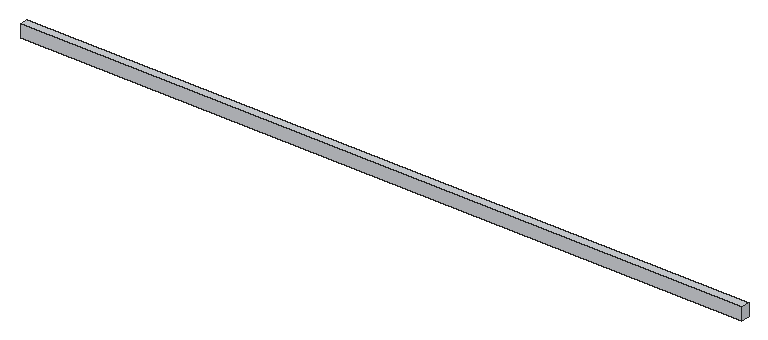
Revit family "QUADRATE NEON DUAL WHITE 1312_NDFX35.SW.1", category Luminarias, Revit 2019
Family settings
  Cota de conector redondo = Diámetro de uso
  Tipo de pieza = Normal
  Se basa en plano de trabajo = Sí
  Siempre vertical = No
  Corte con vacíos al cargar = No
  Origen de luz = Sí
  Compartido = No
  Punto de cálculo de habitación = No
Parameters (values of type "QUADRATE NEON DUAL WHITE 1312_NDFX35.SW.1")
  Tilt Angle = 60.00°
  Zone [instance] = ""
  Watt per fixture [instance] = (Longitud / 1000 mm) * (14)  # 14
  Wattage = 14 W
  built-in parameter 1150107 = 3000 (stored number, unit not read)
  built-in parameter 1150110 = 1 (stored number, unit not read)
  built-in parameter 1150109 = 1 (stored number, unit not read)
  built-in parameter 1150112 = 1 (stored number, unit not read)
  built-in parameter 1150113 = 1 (stored number, unit not read)
  built-in parameter 1114218 = 1 (stored number, unit not read)
  built-in parameter 1150137 = (empty or 0)
  built-in parameter 1150132 = (empty or 0)
  Modelo Lampara = "2835 SMD"
  Modelo = "NDFX35.SW.1"
  Marca = "BRILLANT"
  Longitud de línea de emisión = 600 mm
  Longitud [instance] = 1000 mm
  built-in parameter 1150105 = 55.704 (stored number, unit not read)
  built-in parameter 1150102 = (empty or 0)
  built-in parameter 1150106 = 0.55704 (stored number, unit not read)
  Lumens = 700 lm
  Color Filter = 16777215
  built-in parameter 1114217 = 1 (stored number, unit not read)
  built-in parameter 1150139 = (empty or 0)
  Fabricante = "BRILLANT"
  Default Elevation = 0 mm
  built-in parameter 1150104 = 4.6452 (stored number, unit not read)
  Descripción = "MANGUERA LUMINOSA QUADRATE NEON DUAL WHITE DE PLASTICO FLEXIBLE CON UNA POTENCIA DE 14W/M, USO PARA EXTERIORES IP67, IRC 90, IK 08, TEMPERATURA DUAL DE BLANCO CALIDO 2700-5000K, 650 LUMENES/M, PRESENTACION DE 5M, CORTE 3.125CM, ALIMENTADO A 24V, REQUIERE ACCESORIOS."
  built-in parameter 1150115 = 1 (stored number, unit not read)
  built-in parameter 1150114 = 1 (stored number, unit not read)
  Comentarios de vataje = "24"
  built-in parameter 1150138 = (empty or 0)
  built-in parameter 1150134 = (empty or 0)
  Circuit [instance] = ""
  Dimming Lamp Color Temperature Shift = (empty or 0)
  Archivo de red fotométrica = "NDFX35.S.1_QUADRATE NEON DUAL WHITE 1312.IES"
  built-in parameter 1150133 = 10 (stored number, unit not read)
Reference planes
  plane 1 "Centro (Frontal/Posterior)": y = 0
  plane 2: z = 0
  plane 3 "Centro (Izquierda/Derecha)": x = 0
  plane 4 "IZQ": x = -1000
  plane 5: z = 17
Forms (mm)
  Extrusion 1, solid
    sketch origin (0, 0, 0) x (1, 0, 0) y (0, 1, 0)
      loop
        line (-1000, 6) -> (-1000, -6) -> (0, -6) -> (0, 6) -> (-1000, 6)
    from 0 to 17
Dimensions and locks
  plane 5 to imposter light = 17 mm
  "Longitud": plane 4 "IZQ" to plane 3 "Centro (Izquierda/Derecha)"
  aligned and locked: level to plane 2
  aligned and locked: plane 4 "IZQ" to Extrusion 1
  aligned and locked: plane 5 to Extrusion 1
  aligned and locked: plane 3 "Centro (Izquierda/Derecha)" to Extrusion 1
Automatic sketch dimensions
  Extrusion 1 sketch curve to plane 4 "IZQ" = 0 mm
  Extrusion 1 sketch curve to plane 3 "Centro (Izquierda/Derecha)" = 0 mm
  plane 1 "Centro (Frontal/Posterior)" to Extrusion 1 sketch curve = 6 mm
  Extrusion 1 sketch curve to plane 1 "Centro (Frontal/Posterior)" = 6 mm
Connectors
  electrical at (0, 0, 8.5)
    settings: on Extrusion 1, index 1, voltage 24 V, apparent load 0 VA, apparent load phase1 0 VA, apparent load phase2 0 VA, apparent load phase3 0 VA, power factor 1, load classification "Otro", number of poles 1, system type 31, power factor state 1, is connector primary yes, connector utility no, sub classification motor no, connector description ""
